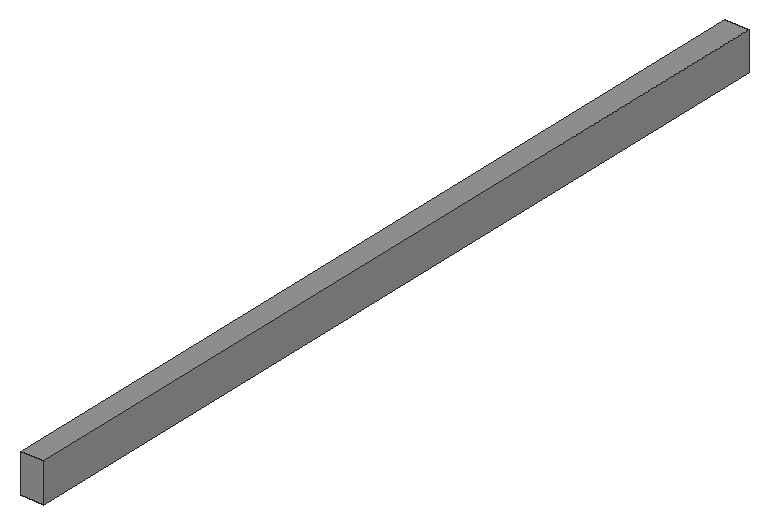
Revit family "montante parete", category Generic Models, host Face, Revit 2014
Parameters
  altezza montante [instance] = 2.26 m
  acciaio [instance] = SLG  - Acciaio
  Default Elevation = 1.2192 m
Reference planes (m)
  plane 1 "Center (Front/Back)": y = 0
  plane 2: z = 0
  plane 3 "Center (Left/Right)": x = 0
  plane 4: z = 0.1
  plane 5: x = 0.03
  plane 6: x = -0.03
  plane 7: y = 1.136538
  plane 8: y = -1.123462
Forms (m)
  Extrusion 1, solid, material "SLG  - Acciaio" <- "acciaio"
    sketch origin (-0.410824, 0, 0) x (1, 0, 0) y (0, 1, 0)
      loop
        line (0.380824, 1.136538) -> (0.380824, -1.123462) -> (0.440824, -1.123462) -> (0.440824, 1.136538) -> (0.380824, 1.136538)
    from 0 to 0.1
Dimensions and locks (m)
  "altezza montante": plane 7 to plane 8
  aligned and locked: plane 2 to host face
  aligned and locked: level to host face
  aligned and locked: plane 7 to Extrusion 1
  aligned and locked: Extrusion 1 to plane 8
Automatic sketch dimensions
  host sketch curve to host sketch curve = 2.4384 m  (x2)
  Extrusion 1 sketch curve to plane 6 = 0 m
  Extrusion 1 sketch curve to plane 5 = 0 m
  Extrusion 1 sketch curve to plane 8 = 0 m
  Extrusion 1 sketch curve to plane 7 = 0 m
